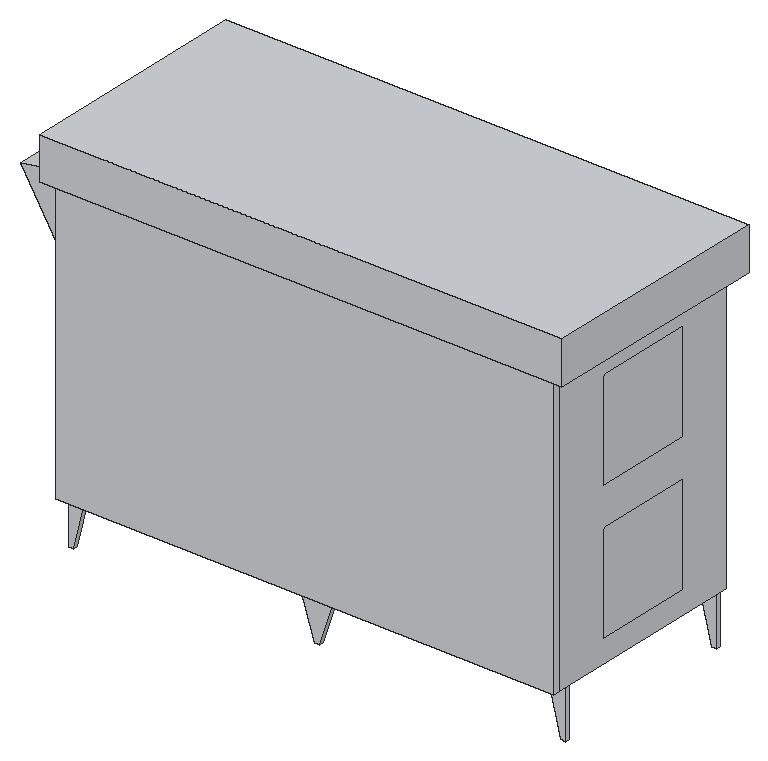
Revit family "AHU 1 _1", category Mechanické zařízení, Revit 2018
Family settings
  Kóta kulaté spojky = Použít průměr
  Typ dílu = Normální
  Číslo OmniClass = 23.75.00.00
  Nadpis OmniClass = Climate Control (HVAC)
  Založené na pracovní rovině = Ne
  Vždy vertikální = Ano
  Ořezat dutým tvarem při načtení = Ne
  Sdílené = Ne
  Bod výpočtu místnosti = Ne
Parameters (values of type "DUPLEXVENT 1500 Rotary-N")
  Width [instance] = 0.88 mm
  Weight [instance] = 357.00 kg
  URL = ""
  Type [instance] = "DUPLEXVENT 1500 Rotary-N"
  Total_SFP [instance] = 0
  Supply_outlet_hum [instance] = 90
  Supply_inlet_hum [instance] = 90
  Supply_ext_pressure [instance] = 0.0 Pa
  Supply_SFP [instance] = 0
  Source_adu_file [instance] = ""
  Recuperation_type [instance] = "Rotation regeneration exchanger"
  Recuperation_efficiency_EN308 [instance] = 0
  Project_name [instance] = ""
  Project_date [instance] = "10.8.2023"
  Power_supply_fusing [instance] = "0"
  Power_supply_cable [instance] = "0"
  Position [instance] = "AHU 1 "
  Phases_count [instance] = 1
  Panel_thickness [instance] = 0.06 mm
  Outer_surface [instance] = "RAL 9002"
  Length [instance] = 2.03 mm
  Insulation_type [instance] = "PUR"
  Insulation_thickness [instance] = 0.05 mm
  Installation_environment [instance] = ""
  Input_power_max [instance] = 770 W
  Inner_surface [instance] = "Pozink"
  I2 [instance] = I1  # 0.0 L/s
  Height [instance] = 1.15 mm
  Exhaust_outlet_hum [instance] = 40
  Exhaust_inlet_hum [instance] = 40
  Exhaust_ext_pressure [instance] = 0.0 Pa
  Exhaust_SFP [instance] = 0
  E1 [instance] = E2 - M1  # 0.0 L/s
  E2 [instance] = 0.0 L/s
  I1 [instance] = 0.0 L/s
  Description = ""
  M1 [instance] = 0.0 L/s
  Device_dutypoint_version [instance] = "0"
  Device_design_version [instance] = "9"
  Device_adu_id [instance] = "1"
  Current_max [instance] = 5 A
  Casing_mat [instance] = "painted zinc layer"
  Cable type [instance] = "CYKY 3Jx2,5"
Reference planes
  plane 1 "Střed (vpředu/vzadu)": y = 0
  plane 2 "ref": z = 0
  plane 3 "Střed (vlevo/vpravo)": x = 0
Forms (mm)
  Sweep 1, solid
    path origin (0, 0, 0) x (0, 0, 1) y (1, 0, 0)
      loop
        line (0, 0) -> (1150, 0)
    profile origin (0, 0, 0) x (1, 0, 0) y (0, 1, 0)
      loop
        line (0, 0) -> (700, 0) -> (700, 850) -> (0, 850) -> (0, 0)
  Sweep 2, solid
    path origin (0, 0, 0) x (0, 0, 1) y (1, 0, 0)
      loop
        line (0, 0) -> (1150, 0)
    profile origin (0, 0, 0) x (1, 0, 0) y (0, 1, 0)
      loop
        line (700, 0) -> (1030, 0) -> (1030, 850) -> (700, 850) -> (700, 0)
  Sweep 3, solid
    path origin (0, 0, 0) x (0, 0, 1) y (1, 0, 0)
      loop
        line (0, 0) -> (1150, 0)
    profile origin (0, 0, 0) x (1, 0, 0) y (0, 1, 0)
      loop
        line (1030, 0) -> (2030, 0) -> (2030, 850) -> (1030, 850) -> (1030, 0)
  Sweep 4, solid
    path origin (0, 0, 1150) x (0, 0, 1) y (1, 0, 0)
      loop
        line (0, 0) -> (175, 0)
    profile origin (0, 0, 1150) x (1, 0, 0) y (0, 1, 0)
      loop
        line (-50, -50) -> (2080, -50) -> (2080, 900) -> (-50, 900) -> (-50, -50)
  Sweep 5, solid
    path origin (-175, 625, 855) x (1, 0, 0) y (0, 1, 0)
      loop
        line (0, 0) -> (0, -400)
    profile origin (-175, 625, 855) x (1, 0, 0) y (0, 0, 1)
      loop
        line (174, 200) -> (-175, 140) -> (35, -200) -> (175, -200) -> (174, 200)
  Sweep 6, solid
    path origin (0, 425, 855) x (0, 1, 0) y (-1, 0, 0)
      loop
        line (0, 0) -> (0, 1)
    profile origin (0, 425, 855) x (0, -1, 0) y (0, 0, 1)
      loop
        line (-200, -200) -> (200, -200) -> (200, 200) -> (-200, 200) -> (-200, -200)
  Sweep 7, solid
    path origin (2029, 425, 855) x (1, 0, 0) y (0, 1, 0)
      loop
        line (0, 0) -> (1, 0)
    profile origin (2029, 425, 855) x (0, 1, 0) y (0, 0, 1)
      loop
        line (-200, 200) -> (-200, -200) -> (200, -200) -> (200, 200) -> (-200, 200)
  Sweep 8, solid
    path origin (2029, 425, 295) x (1, 0, 0) y (0, 1, 0)
      loop
        line (0, 0) -> (1, 0)
    profile origin (2029, 425, 295) x (0, 1, 0) y (0, 0, 1)
      loop
        line (-200, 200) -> (-200, -200) -> (200, -200) -> (200, 200) -> (-200, 200)
  Sweep 9, solid
    path origin (1, 425, 295) x (0, 1, 0) y (-1, 0, 0)
      loop
        line (0, 0) -> (0, 1)
    profile origin (1, 425, 295) x (0, -1, 0) y (0, 0, 1)
      loop
        line (-200, -200) -> (200, -200) -> (200, 200) -> (-200, 200) -> (-200, -200)
  Sweep 10, solid
    path origin (0, 0, 0) x (0, 0, 1) y (1, 0, 0)
      loop
        line (0, 0) -> (1150, 0)
    profile origin (0, 0, 0) x (1, 0, 0) y (0, 1, 0)
      loop
        line (0, -30) -> (2030, -30) -> (2030, -5) -> (0, -5) -> (0, -30)
  Sweep 11, solid
    path origin (11, 48, 0) x (1, 0, 0) y (0, 1, 0)
      loop
        line (0, 0) -> (0, -15)
    profile origin (11, 48, 0) x (1, 0, 0) y (0, 0, 1)
      loop
        line (-11, 0) -> (-11, -200) -> (11, -200) -> (60, 0) -> (-11, 0)
  Sweep 12, solid
    path origin (1015, 48, 0) x (1, 0, 0) y (0, 1, 0)
      loop
        line (0, 0) -> (0, -15)
    profile origin (1015, 48, 0) x (1, 0, 0) y (0, 0, 1)
      loop
        line (-75, 0) -> (-11, -200) -> (11, -200) -> (75, 0) -> (-75, 0)
  Sweep 13, solid
    path origin (2018, 48, 0) x (1, 0, 0) y (0, 1, 0)
      loop
        line (0, 0) -> (0, -15)
    profile origin (2018, 48, 0) x (1, 0, 0) y (0, 0, 1)
      loop
        line (-60, 0) -> (-11, -200) -> (11, -200) -> (11, 0) -> (-60, 0)
  Sweep 14, solid
    path origin (11, 818, 0) x (1, 0, 0) y (0, 1, 0)
      loop
        line (0, 0) -> (0, -15)
    profile origin (11, 818, 0) x (1, 0, 0) y (0, 0, 1)
      loop
        line (-11, 0) -> (-11, -200) -> (11, -200) -> (60, 0) -> (-11, 0)
  Sweep 15, solid
    path origin (1015, 818, 0) x (1, 0, 0) y (0, 1, 0)
      loop
        line (0, 0) -> (0, -15)
    profile origin (1015, 818, 0) x (1, 0, 0) y (0, 0, 1)
      loop
        line (-75, 0) -> (-11, -200) -> (11, -200) -> (75, 0) -> (-75, 0)
  Sweep 16, solid
    path origin (2018, 818, 0) x (1, 0, 0) y (0, 1, 0)
      loop
        line (0, 0) -> (0, -15)
    profile origin (2018, 818, 0) x (1, 0, 0) y (0, 0, 1)
      loop
        line (-60, 0) -> (-11, -200) -> (11, -200) -> (11, 0) -> (-60, 0)
  Sweep 17, solid
    path origin (0, 0, 510) x (0, 0, 1) y (1, 0, 0)
      loop
        line (0, 0) -> (405, 0)
    profile origin (0, 0, 510) x (1, 0, 0) y (0, 1, 0)
      loop
        line (760, 950) -> (760, 850) -> (1065, 850) -> (1065, 950) -> (760, 950)
  Sweep 18, solid
    path origin (912, 900, 915) x (0, -1, 0) y (0, 0, 1)
      loop
        line (0, 0) -> (0, 1)
    profile origin (912, 900, 915) x (0, 1, 0) y (-1, 0, 0)
      loop
        circle (0, 0) r 10
Lines and regions (mm)
  model lines, style "Symbol"
    curve 1: line (1170, 850, 705) -> (1170, 850, 1105)
    curve 2: line (1170, 850, 1105) -> (1170, 980, 1075)
    curve 3: line (1170, 980, 1075) -> (1170, 980, 705)
    curve 4: line (1170, 980, 705) -> (1170, 850, 705)
    curve 5: line (620, 850, 705) -> (620, 850, 1105)
    curve 6: line (620, 850, 1105) -> (620, 980, 1075)
    curve 7: line (620, 980, 1075) -> (620, 980, 705)
    curve 8: line (620, 980, 705) -> (620, 850, 705)
    curve 9: line (1170, 850, 1105) -> (620, 850, 1105)
    curve 10: line (620, 850, 1105) -> (620, 980, 1075)
    curve 11: line (620, 980, 1075) -> (1170, 980, 1075)
    curve 12: line (1170, 980, 1075) -> (1170, 850, 1105)
    curve 13: line (1170, 980, 705) -> (1170, 980, 1075)
    curve 14: line (1170, 980, 1075) -> (620, 980, 1075)
    curve 15: line (620, 980, 1075) -> (620, 980, 705)
    curve 16: line (620, 980, 705) -> (1170, 980, 705)
    curve 17: line (865, -30, 0) -> (865, -30, 230)
    curve 18: line (865, -30, 1150) -> (865, -30, 920)
    curve 19: line (700, -30, 575) -> (1030, -30, 575)
    curve 20: line (0, -30, 575) -> (700, -30, 575)
    curve 21: line (2030, -30, 575) -> (1030, -30, 575)
    curve 22: line (733, -30, 58) -> (733, -30, 1093)
    curve 23: line (733, -30, 1093) -> (997, -30, 1093)
    curve 24: line (997, -30, 1093) -> (997, -30, 58)
    curve 25: line (997, -30, 58) -> (733, -30, 58)
    curve 26: line (733, -30, 575) -> (997, -30, 575)
    curve 27: line (967, -30, 468) -> (956, -30, 368)
    curve 28: line (956, -30, 368) -> (940, -30, 282)
    curve 29: line (940, -30, 282) -> (918, -30, 216)
    curve 30: line (918, -30, 216) -> (892, -30, 175)
    curve 31: line (892, -30, 175) -> (865, -30, 161)
    curve 32: line (865, -30, 161) -> (838, -30, 175)
    curve 33: line (838, -30, 175) -> (812, -30, 216)
    curve 34: line (812, -30, 216) -> (790, -30, 282)
    curve 35: line (790, -30, 282) -> (774, -30, 368)
    curve 36: line (774, -30, 368) -> (763, -30, 468)
    curve 37: line (763, -30, 468) -> (759, -30, 575)
    curve 38: line (759, -30, 575) -> (763, -30, 682)
    curve 39: line (763, -30, 682) -> (774, -30, 782)
    curve 40: line (774, -30, 782) -> (790, -30, 868)
    curve 41: line (790, -30, 868) -> (812, -30, 934)
    curve 42: line (812, -30, 934) -> (838, -30, 975)
    curve 43: line (838, -30, 975) -> (865, -30, 989)
    curve 44: line (865, -30, 989) -> (892, -30, 975)
    curve 45: line (892, -30, 975) -> (918, -30, 934)
    curve 46: line (918, -30, 934) -> (940, -30, 868)
    curve 47: line (940, -30, 868) -> (956, -30, 782)
    curve 48: line (956, -30, 782) -> (967, -30, 682)
    curve 49: line (967, -30, 682) -> (930, -30, 796)
    curve 50: line (967, -30, 682) -> (972, -30, 806)
    curve 51: line (1777, -30, 944) -> (1961, -30, 913)
    curve 52: line (1777, -30, 781) -> (1961, -30, 812)
    curve 53: line (253, -30, 206) -> (69, -30, 237)
    curve 54: line (253, -30, 369) -> (69, -30, 338)
    curve 55: line (244, -30, 690) -> (244, -30, 1035)
    curve 56: line (244, -30, 1035) -> (365, -30, 1035)
    curve 57: line (365, -30, 1035) -> (365, -30, 690)
    curve 58: line (365, -30, 690) -> (244, -30, 690)
    curve 59: line (304, -30, 690) -> (365, -30, 863)
    curve 60: line (304, -30, 1035) -> (365, -30, 863)
    curve 61: line (1786, -30, 460) -> (1786, -30, 115)
    curve 62: line (1786, -30, 115) -> (1665, -30, 115)
    curve 63: line (1665, -30, 115) -> (1665, -30, 460)
    curve 64: line (1665, -30, 460) -> (1786, -30, 460)
    curve 65: line (1726, -30, 460) -> (1665, -30, 287)
    curve 66: line (1726, -30, 115) -> (1665, -30, 287)
    curve 67: line (0, -1030, 0) -> (0, 0, 0)
    curve 68: line (2030, -1030, 0) -> (2030, 0, 0)
    curve 69: line (0, -1030, 0) -> (2030, -1030, 0)
    curve 70: line (0, -1030, 1150) -> (0, 0, 1150)
    curve 71: line (2030, -1030, 1150) -> (2030, 0, 1150)
    curve 72: line (0, -1030, 1150) -> (2030, -1030, 1150)
    curve 73: line (0, -1030, 0) -> (0, -1030, 1150)
    curve 74: line (2030, -1030, 0) -> (2030, -1030, 1150)
    curve 75: line (0, -1030, 950) -> (200, -1030, 1150)
    curve 76: line (0, -1030, 750) -> (400, -1030, 1150)
    curve 77: line (0, -1030, 550) -> (600, -1030, 1150)
    curve 78: line (0, -1030, 350) -> (800, -1030, 1150)
    curve 79: line (0, -1030, 150) -> (1000, -1030, 1150)
    curve 80: line (50, -1030, 0) -> (1200, -1030, 1150)
    curve 81: line (250, -1030, 0) -> (1400, -1030, 1150)
    curve 82: line (450, -1030, 0) -> (1600, -1030, 1150)
    curve 83: line (650, -1030, 0) -> (1800, -1030, 1150)
    curve 84: line (850, -1030, 0) -> (2000, -1030, 1150)
    curve 85: line (1050, -1030, 0) -> (2030, -1030, 980)
    curve 86: line (1250, -1030, 0) -> (2030, -1030, 780)
    curve 87: line (1450, -1030, 0) -> (2030, -1030, 580)
    curve 88: line (1650, -1030, 0) -> (2030, -1030, 380)
    curve 89: line (1850, -1030, 0) -> (2030, -1030, 180)
    curve 90: line (2030, -1030, 950) -> (2030, -830, 1150)
    curve 91: line (2030, -1030, 750) -> (2030, -630, 1150)
    curve 92: line (2030, -1030, 550) -> (2030, -430, 1150)
    curve 93: line (2030, -1030, 350) -> (2030, -230, 1150)
    curve 94: line (2030, -1030, 150) -> (2030, -30, 1150)
    curve 95: line (2030, -980, 0) -> (2030, 0, 980)
    curve 96: line (2030, -780, 0) -> (2030, 0, 780)
    curve 97: line (2030, -580, 0) -> (2030, 0, 580)
    curve 98: line (2030, -380, 0) -> (2030, 0, 380)
    curve 99: line (2030, -180, 0) -> (2030, 0, 180)
    curve 100: line (0, -830, 1150) -> (200, -1030, 1150)
    curve 101: line (0, -630, 1150) -> (400, -1030, 1150)
    curve 102: line (0, -430, 1150) -> (600, -1030, 1150)
    curve 103: line (0, -230, 1150) -> (800, -1030, 1150)
    curve 104: line (0, -30, 1150) -> (1000, -1030, 1150)
    curve 105: line (170, 0, 1150) -> (1200, -1030, 1150)
    curve 106: line (370, 0, 1150) -> (1400, -1030, 1150)
    curve 107: line (570, 0, 1150) -> (1600, -1030, 1150)
    curve 108: line (770, 0, 1150) -> (1800, -1030, 1150)
    curve 109: line (970, 0, 1150) -> (2000, -1030, 1150)
    curve 110: line (1170, 0, 1150) -> (2030, -860, 1150)
    curve 111: line (1370, 0, 1150) -> (2030, -660, 1150)
    curve 112: line (1570, 0, 1150) -> (2030, -460, 1150)
    curve 113: line (1770, 0, 1150) -> (2030, -260, 1150)
    curve 114: line (1970, 0, 1150) -> (2030, -60, 1150)
    curve 115: line (2030, 1590, 0) -> (2030, 850, 0)
    curve 116: line (0, 1590, 0) -> (0, 850, 0)
    curve 117: line (2030, 1590, 0) -> (0, 1590, 0)
    curve 118: line (2030, 1590, 1150) -> (2030, 850, 1150)
    curve 119: line (0, 1590, 1150) -> (0, 850, 1150)
    curve 120: line (2030, 1590, 1150) -> (0, 1590, 1150)
    curve 121: line (2030, 1590, 0) -> (2030, 1590, 1150)
    curve 122: line (0, 1590, 0) -> (0, 1590, 1150)
    curve 123: line (2030, 1590, 950) -> (1830, 1590, 1150)
    curve 124: line (2030, 1590, 750) -> (1630, 1590, 1150)
    curve 125: line (2030, 1590, 550) -> (1430, 1590, 1150)
    curve 126: line (2030, 1590, 350) -> (1230, 1590, 1150)
    curve 127: line (2030, 1590, 150) -> (1030, 1590, 1150)
    curve 128: line (1980, 1590, 0) -> (830, 1590, 1150)
    curve 129: line (1780, 1590, 0) -> (630, 1590, 1150)
    curve 130: line (1580, 1590, 0) -> (430, 1590, 1150)
    curve 131: line (1380, 1590, 0) -> (230, 1590, 1150)
    curve 132: line (1180, 1590, 0) -> (30, 1590, 1150)
    curve 133: line (980, 1590, 0) -> (0, 1590, 980)
    curve 134: line (780, 1590, 0) -> (0, 1590, 780)
    curve 135: line (580, 1590, 0) -> (0, 1590, 580)
    curve 136: line (380, 1590, 0) -> (0, 1590, 380)
    curve 137: line (180, 1590, 0) -> (0, 1590, 180)
    curve 138: line (0, 1590, 950) -> (0, 1390, 1150)
    curve 139: line (0, 1590, 750) -> (0, 1190, 1150)
    curve 140: line (0, 1590, 550) -> (0, 990, 1150)
    curve 141: line (0, 1590, 350) -> (0, 850, 1090)
    curve 142: line (0, 1590, 150) -> (0, 850, 890)
    curve 143: line (0, 1540, 0) -> (0, 850, 690)
    curve 144: line (0, 1340, 0) -> (0, 850, 490)
    curve 145: line (0, 1140, 0) -> (0, 850, 290)
    curve 146: line (0, 940, 0) -> (0, 850, 90)
    curve 147: line (2030, 1390, 1150) -> (1830, 1590, 1150)
    curve 148: line (2030, 1190, 1150) -> (1630, 1590, 1150)
    curve 149: line (2030, 990, 1150) -> (1430, 1590, 1150)
    curve 150: line (1970, 850, 1150) -> (1230, 1590, 1150)
    curve 151: line (1770, 850, 1150) -> (1030, 1590, 1150)
    curve 152: line (1570, 850, 1150) -> (830, 1590, 1150)
    curve 153: line (1370, 850, 1150) -> (630, 1590, 1150)
    curve 154: line (1170, 850, 1150) -> (430, 1590, 1150)
    curve 155: line (970, 850, 1150) -> (230, 1590, 1150)
    curve 156: line (770, 850, 1150) -> (30, 1590, 1150)
    curve 157: line (570, 850, 1150) -> (0, 1420, 1150)
    curve 158: line (370, 850, 1150) -> (0, 1220, 1150)
    curve 159: line (170, 850, 1150) -> (0, 1020, 1150)
    curve 160: line (0, -30, 0) -> (0, -30, 1150)
    curve 161: line (0, -30, 1150) -> (1012, -30, 1150)
    curve 162: line (1012, -30, 1150) -> (1012, -30, 0)
    curve 163: line (1012, -30, 0) -> (0, -30, 0)
    curve 164: line (1018, -30, 0) -> (1018, -30, 1150)
    curve 165: line (1018, -30, 1150) -> (2030, -30, 1150)
    curve 166: line (2030, -30, 1150) -> (2030, -30, 0)
    curve 167: line (2030, -30, 0) -> (1018, -30, 0)
    curve 168: line (0, -30, 0) -> (2030, -30, 0)
    curve 169: line (0, -30, 1150) -> (2030, -30, 1150)
    curve 170: line (0, -30, 0) -> (0, -30, 1150)
    curve 171: line (2030, -30, 0) -> (2030, -30, 1150)
    curve 172: line (0, -30, 0) -> (0, -5, 0)
    curve 173: line (2030, -30, 0) -> (2030, -5, 0)
    curve 174: line (0, -30, 1150) -> (0, -5, 1150)
    curve 175: line (2030, -30, 1150) -> (2030, -5, 1150)
    curve 176: circle (1857, -30, 863) r 115 normal (0, -1, 0)
    curve 177: circle (172, -30, 287) r 115 normal (0, -1, 0)
Dimensions and locks
  aligned and locked: level to plane 2 "ref"
Connectors
  hvac at (-1, 425, 855), driven by "E1"
    settings: on Sweep 6, index 1, duct flow 0.0 L/s, flow factor 0, pres drop 0.0 Pa, loss coef 0, conn angle 0.00°, conn width 10 mm, conn height 10 mm, conn diameter 609.6 mm, duct sys type 1, conn prof type 1, flow config 1, flow direction 1, loss method 0, conn ref index -1, conn util no, is conn primary yes, conn desc ""
  hvac at (2030, 425, 855), driven by "E2"
    settings: on Sweep 7, index 2, duct flow 0.0 L/s, flow factor 1, pres drop 0.0 Pa, loss coef 0, conn angle 0.00°, conn width 400 mm, conn height 400 mm, conn diameter 609.6 mm, duct sys type 1, conn prof type 1, flow config 2, flow direction 2, loss method 0, conn ref index -1, conn util no, is conn primary no, conn desc ""
  hvac at (2030, 425, 295), driven by "I1"
    settings: on Sweep 8, index 3, duct flow 0.0 L/s, flow factor 1, pres drop 0.0 Pa, loss coef 0, conn angle 0.00°, conn width 400 mm, conn height 400 mm, conn diameter 609.6 mm, duct sys type 3, conn prof type 1, flow config 2, flow direction 1, loss method 0, conn ref index -1, conn util no, is conn primary no, conn desc ""
  hvac at (0, 425, 295), driven by "I2"
    settings: on Sweep 9, index 4, duct flow 0.0 L/s, flow factor 0, pres drop 0.0 Pa, loss coef 0, conn angle 0.00°, conn width 400 mm, conn height 400 mm, conn diameter 609.6 mm, duct sys type 3, conn prof type 1, flow config 1, flow direction 2, loss method 0, conn ref index -1, conn util no, is conn primary no, conn desc ""
  electrical at (912, 900, 916)
    settings: on Sweep 18, index 5, voltage 230 V, apparent load 0 VA, apparent load phase1 0 VA, apparent load phase2 0 VA, apparent load phase3 0 VA, power factor 1, load classification "Další", number of poles 1, system type 31, power factor state 1, is connector primary yes, connector utility no, sub classification motor no, connector description ""
